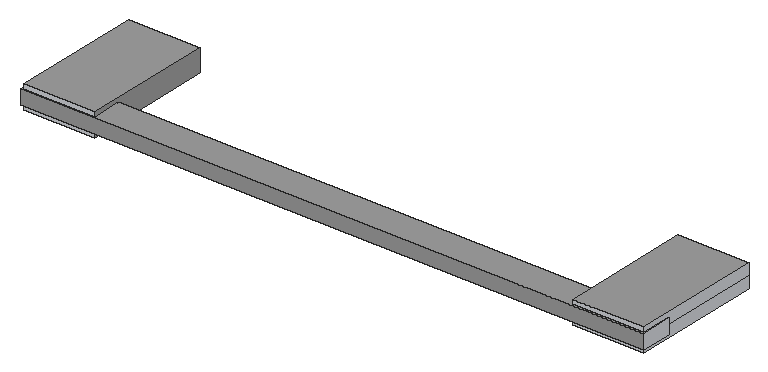
Revit family "TBA 30 ASIS", category Plumbing Fixtures, Revit 2019
Family settings
  Round Connector Dimension = Use Diameter
  Part Type = Normal
  OmniClass Number = 23.45.00.00
  OmniClass Title = Sanitary, Laundry, and Cleaning Equipment
  Work Plane-Based = No
  Always vertical = Yes
  Cut with Voids When Loaded = No
  Shared = No
  Room Calculation Point = No
Reference planes
  plane 1 "Center (Front/Back)": y = 0
  plane 2: z = 0
  plane 3 "Center (Left/Right)": x = 0
Forms (mm)
  Extrusion 1, solid
    sketch origin (0, 0, 0) x (0, 1, 0) y (0, 0, 1)
      loop
        line (0, 0) -> (15, 0) -> (15, 7) -> (0, 7) -> (0, 0)
    from 0 to 300
  Extrusion 2, solid
    sketch origin (0, 0, 0) x (1, 0, 0) y (0, 0, 1)
      loop
        line (299, 3.5) -> (299, 9) -> (265, 9) -> (265, -2) -> (299, -2) -> (299, 3.5)
    from -1 to -64
  Extrusion 3, solid
    sketch origin (0, 0, 0) x (1, 0, 0) y (0, 0, 1)
      loop
        line (1, 9) -> (1, -2) -> (35, -2) -> (35, 9) -> (1, 9)
    from -1 to -64
Cuts and joins
  joined: Extrusion 1, Extrusion 2, Extrusion 3
Lines and regions (mm)
  reference lines
    curve 1: line (300, 0, 3.5) -> (299, 0, 3.5)
Dimensions and locks
  aligned and locked: level to plane 2
